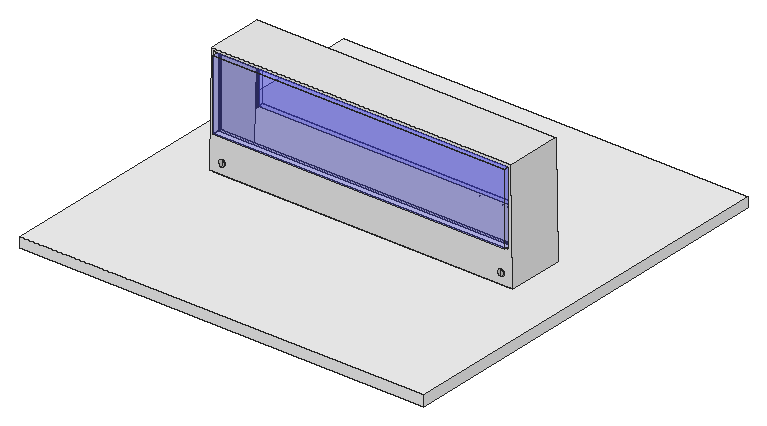
Revit family "BE_12278.1_de_DE", category Leuchten, Revit 2020
Family settings
  Basisbauteil = Fläche
  Bemaßung runder Anschluss = Durchmesser verwenden
  Teiletyp = Normal
  Beim Laden mit Abzugskörper schneiden = Ja
  Lichtquelle = Ja
  Gemeinsam genutzt = Nein
  Raumberechnungspunkt = Ja
Parameters (values of type "BEGA_12278.1_K3")
  built-in parameter 1150104 = 12.096 (stored number, unit not read)
  Wattage = 12.6 W
  Default Elevation = 0 mm
  built-in parameter 1150113 = 1 (stored number, unit not read)
  built-in parameter 1114218 = 1 (stored number, unit not read)
  Umgebungstemperatur = ""
  URL = "http://www.bega.de/de/produkt/12278.1"
  Typenkommentare = "© 2022 BEGA. Wir behalten uns das Recht vor, technische Änderungen ohne vorherige Ankündigung vorzunehmen."  # constant formula
  built-in parameter 1150134 = 12
  built-in parameter 1150109 = 1 (stored number, unit not read)
  Strom = ""
  built-in parameter 1150110 = 1 (stored number, unit not read)
  Spannung = 239.996 V
  Sonderanfertigung = no
  Seriennummer [instance] = "Hier können Sie die eindeutige Seriennummer für das Facility Management eintragen."
  Schutzklasse = "I"
  Schutzart = "IP 20"
  Scheinlast = 0 VA
  Produktdatenblatt = "http://www.bega.de/download/Xrfa/db/12278.1.db.de.pdf"
  Oberflächentemperatur = ""
  Neigungswinkel = 0.00°
  Model = "12278.1K4"
  Material_17 = BEGA_Reflektor
  Material_15 = BEGA_Leuchtmedium_matt
  Material_11 = BEGA_Glas_opal
  Material_09 = BEGA_Glas_klar
  Material_06 = BEGA_Oberfläche_Edelstahl_gebürstet
  Material_05 = BEGA_Oberfläche_Aluminium Guss
  Material_03 = BEGA_Oberfläche_Weiss_matt
  Material_02 = BEGA_Oberfläche_Silber_matt
  Material_01 [instance] = BEGA_Oberfläche_Grafit_matt
  M_W = no
  M_G = no
  M_A = no
  Logo = 0
  built-in parameter 1114217 = 1 (stored number, unit not read)
  built-in parameter 1150139 = (empty or 0)
  built-in parameter 1150105 = 130.55 (stored number, unit not read)
  built-in parameter 1150114 = 1 (stored number, unit not read)
  Lumens = 1640.52 lm
  built-in parameter 1150115 = 1 (stored number, unit not read)
  Leuchtenlichtstrom = "927 lm"
  Leuchtenanzahl = ""
  Lebensdauerkriterien = "L70B50 @ 25 °C = 268000 h"
  Lastklassifizierung = Beleuchtung
  built-in parameter 1150112 = 1 (stored number, unit not read)
  Lampenlichtstrom = "1640 lm"
  Lamp = "LED 12.6 W"
  LED_Modulbezeichnung = "LED-0599/940"
  Hersteller = "BEGA"  # constant formula
  Halbstreuwinkel = ""
  Gewicht = "1.68 kg"
  Gebrauchslageneinschränkung [instance] = ""
  Frequenz = "0/50-60 Hz"
  Farbwiedergabeindex = "CRI > 90"
  Farbtemperaturverschiebung bei Dämpfen der Lampe = <Keine Auswahl>
  Farbtemperatur = "4000 K"
  Color Filter = 16777215
  built-in parameter 1150133 = 10 (stored number, unit not read)
  Energieeffizienzklasse = "LED A++ - A"
  built-in parameter 1150137 = (empty or 0)
  built-in parameter 1150132 = (empty or 0)
  ENEC = "ja"
  Dimmbar [instance] = ""
  Photometric Web File = "BE_12278.1K4.IES"
  CE_Konformität = "ja"
  Bestellnummer = "12278.1K4"
  Beschreibung_Sonderanfertigung = "Hier können Sie Informationen zur Sonderanfertigung eintragen."
  Beschreibung = "Wandleuchte"
  built-in parameter 1150106 = 1.3055 (stored number, unit not read)
  Befestigungsbohrung = "Ø 4,5 mm"
  Befestigungsabstand = "276 mm"
  Ballwurfsicher = ""
  BEGA_Intern_aus = yes
  BEGA_Intern_an = yes
  BEGA_Intern_Konstruktion = yes
  BEGA_Intern = yes
  BEGA_IES = yes
  BEGA_Dummy = no
  Anschlussleitung = ""
  Anschlussleistung [instance] = "15.7 W"
  Anschlusskasten = ""
  built-in parameter 1150107 = 4000 (stored number, unit not read)
  built-in parameter 1150102 = (empty or 0)
  built-in parameter 1150138 = (empty or 0)
  Aktualisierung = "2019-07-05T04:00:16"
  Abstand_zur_angestrahlten_Fläche [instance] = ""
  AC/DC = "AC/DC"
Reference planes
  plane 1 "Mitte (Vorne/Hinten)": y = 0
  plane 2: z = 0
  plane 3 "Mitte (Links/Rechts)": x = 0
  plane 4 "Links": x = -150
  plane 5 "Rechts": x = 150
  plane 6 "Unten": y = -31.2
  plane 7 "Oben": y = 31.2
  plane 8 "Vorne": z = 110
  plane 9 "Hinten": z = 0
Forms (mm)
  Extrusion 1, solid, material "BEGA_Platte_Weiss"
    sketch origin (0, -1119.2, 0) x (1, 0, 0) y (0, 1, 0)
      loop
        line (-200, 1319.2) -> (-200, 919.2) -> (200, 919.2) -> (200, 1319.2) -> (-200, 1319.2)
    from 0 to -10
  Extrusion 2, solid, material "BEGA_Dummy_matt", visible <- "BEGA_Dummy"
    sketch origin (80.095, -76.023, 0) x (1, 0, 0) y (0, 1, 0)
      loop
        line (-230.095, 107.223) -> (-230.095, 44.823) -> (69.905, 44.823) -> (69.905, 107.223) -> (-230.095, 107.223)
    from 0 to 110
Dimensions and locks
  plane 1 "Mitte (Vorne/Hinten)" to Extrusion 1 = 200 mm
  aligned and locked: plane 2 to Extrusion 1
  aligned and locked: level to Extrusion 1
Nested families
  nested 1: "BE_12278.1" at (0, 0, 0), type "BE_12278.1"
Connectors
  electrical at (0, 0, 0), driven by "Lastklassifizierung", driven by "Spannung", driven by "Scheinlast"
    settings: index 1, voltage 239.996 V, apparent load 0 VA, apparent load phase1 0 VA, apparent load phase2 0 VA, apparent load phase3 0 VA, power factor 1, load classification "Beleuchtung", number of poles 1, system type 31, power factor state 1, is connector primary yes, connector utility no, sub classification motor no, connector description ""
Definition of nested family "BE_12278.1"
  Parameters (values of type "BE_12278.1")
    Default Elevation = 1 mm
    URL = "http://www.bega.de/de/produkt"
    Type Comments = "© 2015 BEGA. Wir behalten uns das Recht vor, technische Änderungen ohne vorherige Ankündigung vorzunehmen. "  # constant formula
    Type Image = (empty or 0)
    Neigungswinkel_um_Z2 = 0.00°
    Neigungswinkel_um_Z1 = 0.00°
    Neigungswinkel_um_Y2 = 0.00°
    Neigungswinkel_um_Y1 = 0.00°
    Neigungswinkel_um_X2 = 0.00°
    Neigungswinkel_um_X1 = 0.00°
    Material_17 = none
    Material_15 = none
    Material_11 = none
    Material_09 = none
    Material_06 = none
    Material_05 = none
    Material_03 = none
    Material_02 = none
    Material_01 = none
    M_W = yes
    M_G = yes
    M_A = yes
    Länge_Platte = 400 mm  # constant formula
    Höhe_Platte = -10 mm  # constant formula
    Manufacturer = "BEGA"  # constant formula
    Drehwinkel_um_Z2 = 0.00°
    Drehwinkel_um_Z1 = 0.00°
    Breite_Platte = 200 mm  # constant formula
  Reference planes
    plane 1 "Mitte (Oben/Unten)": y = 0
    plane 2: z = 0
    plane 3 "Mitte (Links/Rechts)": x = 0
    plane 4: z = 110
    plane 5: y = -31.2
    plane 6: y = 31.2
    plane 7: x = -150
    plane 8: z = 110
    plane 9: x = 150
  Forms (mm)
    Extrusion 1, solid, detail levels medium
      sketch origin (0, 0, 0) x (1, 0, 0) y (0, 1, 0)
        loop
          line (-200, 100) -> (-200, -100) -> (200, -100) -> (200, 100) -> (-200, 100)
      from 0 to -10 <- "Höhe_Platte"
    Extrusion 2, solid, material <- "Material_03", detail levels medium+fine
      sketch origin (0, 0, 0) x (1, 0, 0) y (0, 0, 1)
        loop
          line (-148.097, 110) -> (-150, 1) -> (-149, 1) -> (-146.951, 2.844) -> (-144.21, 107.5) -> (144.211, 107.5) -> (146.951, 2.844) -> (149, 1) -> (150, 1) -> (148.097, 110) -> (-148.097, 110)
      from -27.5 to 27.5
    Extrusion 3, solid, material <- "Material_03", detail levels medium+fine
      sketch origin (0, 0, 0) x (1, 0, 0) y (0, 0, 1)
        loop
          line (148.097, 110) -> (-148.097, 110) -> (-150, 1) -> (150, 1) -> (148.097, 110)
      from -27.5 to -23.02
    Extrusion 4, solid, material <- "Material_03", detail levels medium+fine
      sketch origin (0, 0, 0) x (1, 0, 0) y (0, 0, -1)
        loop
          line (148.097, -110) -> (150, -1) -> (-150, -1) -> (-148.097, -110) -> (148.097, -110)
      from -27.5 to -22.952
    Extrusion 5, void
      sketch origin (0, 0, 0) x (0, 1, 0) y (0, 0, 1)
        loop
          line (29.71, 104.057) -> (-30, 104.057) -> (-30, 37.397) -> (29.71, 37.397) -> (29.71, 104.057)
      from -142.436 to 142.436
    Extrusion 6, void
      sketch origin (0, 0, 0) x (1, 0, 0) y (0, 1, 0)
        loop
          circle (-95, 10) r 8
        loop
          circle (-75, 10) r 8
        loop
          arc (-140.25, -2.75) -> (-138, -5) -> (-135.75, -2.75) r 2.25
          line (-135.75, -2.75) -> (-135.75, 2.75)
          arc (-135.75, 2.75) -> (-138, 5) -> (-140.25, 2.75) r 2.25
          line (-140.25, 2.75) -> (-140.25, -2.75)
        loop
          arc (140.75, -2.25) -> (143, 0) -> (140.75, 2.25) r 2.25
          line (140.75, 2.25) -> (135.25, 2.25)
          arc (135.25, 2.25) -> (133, 0) -> (135.25, -2.25) r 2.25
          line (135.25, -2.25) -> (140.75, -2.25)
      from 0 to 4.5
    Extrusion 7, solid, material <- "Material_03", detail levels medium+fine
      sketch origin (0, 0, 0) x (0, 1, 0) y (0, 0, 1)
        loop
          line (27, 0) -> (27, 1) -> (24.5, 1)
          arc (24.5, 1) -> (23.923, 1.184) -> (23.557, 1.667) r 1
          arc (23.557, 1.667) -> (22.826, 2.633) -> (21.672, 3) r 2
          line (21.672, 3) -> (-21.672, 3)
          arc (-21.672, 3) -> (-22.826, 2.633) -> (-23.557, 1.667) r 2
          arc (-23.557, 1.667) -> (-23.923, 1.184) -> (-24.5, 1) r 1
          line (-24.5, 1) -> (-27, 1) -> (-27, 0) -> (-24.5, 0)
          arc (-24.5, 0) -> (-23.345, 0.367) -> (-22.614, 1.333) r 2
          arc (-22.614, 1.333) -> (-22.249, 1.816) -> (-21.672, 2) r 1
          line (-21.672, 2) -> (21.672, 2)
          arc (21.672, 2) -> (22.249, 1.816) -> (22.614, 1.333) r 1
          arc (22.614, 1.333) -> (23.345, 0.367) -> (24.5, 0) r 2
          line (24.5, 0) -> (27, 0)
      from -146.504 to 146.616
    Revolve 8, solid, material <- "Material_06", detail levels fine
      sketch origin (-138, 0, 0) x (0, 1, 0) y (0, 0, 1)
        loop
          line (-19.529, 10.861) -> (-19.477, 13.86) -> (-27.532, 14.001) -> (-27.584, 11.001) -> (-19.529, 10.861)
        axis (-19.529, 10.861) -> (-27.584, 11.001)
      angle from 0 to 360
    Sweep 9, void
      path origin (0, 0, 0) x (1, 0, 0) y (0, 0, 1)
        loop
          line (142.43, 104.057) -> (-142.43, 104.057) -> (-142.43, 37.397) -> (142.43, 37.397) -> (142.43, 104.057)
      profile origin (0, 0, 104.057) x (0, 0, -1) y (0, -1, 0)
        loop
          line (-1.878, 23.2) -> (21.239, 23.2) -> (21.239, 29.023) -> (-3.997, 29.023) -> (-1.878, 23.2)
    Extrusion 10, solid, material <- "Material_11", detail levels medium+fine
      sketch origin (0, 0, 0) x (0, 1, 0) y (0, 0, 1)
        loop
          line (31.2, 106) -> (23.2, 106) -> (23.2, 35.5) -> (31.2, 35.5) -> (31.2, 106)
      from -144.308 to 144.308
    Sweep 11, void
      path origin (0, 0, 0) x (1, 0, 0) y (0, 0, -1)
        loop
          line (142.43, -104.057) -> (142.43, -37.397) -> (-142.43, -37.397) -> (-142.43, -104.057) -> (142.43, -104.057)
      profile origin (0, 0, 104.057) x (0, 0, 1) y (0, 1, 0)
        loop
          line (1.878, 23.2) -> (3.997, 29.023) -> (-21.239, 29.023) -> (-21.239, 23.2) -> (1.878, 23.2)
    Extrusion 12, solid, material <- "Material_11", detail levels medium+fine
      sketch origin (0, 0, 0) x (0, -1, 0) y (0, 0, -1)
        loop
          line (31.2, -106) -> (31.2, -35.5) -> (23.2, -35.5) -> (23.2, -106) -> (31.2, -106)
      from -144.308 to 144.308
    Revolve 13, solid, material <- "Material_06", detail levels fine
      sketch origin (138, 0, 0) x (0, 1, 0) y (0, 0, -1)
        loop
          line (-19.529, -10.861) -> (-27.584, -11.001) -> (-27.532, -14.001) -> (-19.477, -13.86) -> (-19.529, -10.861)
        axis (-19.529, -10.861) -> (-27.584, -11.001)
      angle from 0 to 360
  Cuts and joins
    Extrusion 5, Sweep 9, Sweep 11 cuts Extrusion 2
    Extrusion 5, Sweep 9, Sweep 11 cuts Extrusion 3
    Extrusion 5, Sweep 9, Sweep 11 cuts Extrusion 4
    joined: Extrusion 2, Extrusion 3, Extrusion 4
    Extrusion 6 cuts Extrusion 7
  Dimensions and locks
    equal spacing: Extrusion 1 sketch curve, plane 3 "Mitte (Links/Rechts)", Extrusion 1 sketch curve
    equal spacing: Extrusion 1 sketch curve, plane 1 "Mitte (Oben/Unten)", Extrusion 1 sketch curve
    "Länge_Platte": Extrusion 1 sketch curve to Extrusion 1 sketch curve
    "Breite_Platte": Extrusion 1 sketch curve to Extrusion 1 sketch curve
    aligned and locked: plane 2 to Extrusion 1
    aligned and locked: level to Extrusion 1
  Automatic sketch dimensions
    Extrusion 2 sketch curve to plane 4 = 0 mm
    level to Extrusion 2 sketch curve = 1 mm  (x2)
    Extrusion 2 sketch curve to Extrusion 2 sketch curve = 1 mm  (x2)
    level to Extrusion 2 sketch curve = 2.844 mm  (x2)
    Extrusion 2 sketch curve to Extrusion 2 sketch curve = 2.048 mm  (x2)
    Extrusion 2 sketch curve to Extrusion 2 sketch curve = 3.887 mm  (x2)
    plane 4 to Extrusion 2 sketch curve = 2.5 mm
    Extrusion 3 sketch curve to plane 4 = 0 mm
    level to Extrusion 3 sketch curve = 1 mm
    Extrusion 4 sketch curve to plane 4 = 0 mm
    level to Extrusion 4 sketch curve = 1 mm
    plane 5 to Extrusion 5 sketch curve = 1.2 mm
    plane 6 to Extrusion 5 sketch curve = 1.49 mm
    level to Extrusion 5 sketch curve = 37.397 mm
    plane 4 to Extrusion 5 sketch curve = 5.943 mm
    plane 1 "Mitte (Oben/Unten)" to Extrusion 6 sketch curve = 0 mm
    plane 1 "Mitte (Oben/Unten)" to Extrusion 6 sketch curve = 2.75 mm
    Extrusion 6 sketch curve to Extrusion 6 sketch curve = 2.25 mm
    Extrusion 6 sketch curve to Extrusion 6 sketch curve = 20 mm
    plane 1 "Mitte (Oben/Unten)" to Extrusion 6 sketch curve = 2.25 mm
    Extrusion 6 sketch curve to Extrusion 6 sketch curve = 5.5 mm
    Extrusion 6 sketch curve to plane 1 "Mitte (Oben/Unten)" = 2.75 mm
    Extrusion 6 sketch curve to plane 1 "Mitte (Oben/Unten)" = 10 mm  (x2)
    Extrusion 7 sketch curve to Extrusion 7 sketch curve = 0 mm  (x12)
    Extrusion 7 sketch curve to level = 0 mm  (x2)
    level to Extrusion 7 sketch curve = 1 mm  (x4)
    plane 5 to Extrusion 7 sketch curve = 4.2 mm
    Extrusion 7 sketch curve to Extrusion 7 sketch curve = 2.5 mm  (x2)
    Extrusion 7 sketch curve to Extrusion 7 sketch curve = 2.828 mm  (x2)
    level to Extrusion 7 sketch curve = 3 mm
    plane 6 to Extrusion 7 sketch curve = 9.528 mm
    Extrusion 7 sketch curve to Extrusion 7 sketch curve = 1 mm  (x3)
    Extrusion 7 sketch curve to Extrusion 7 sketch curve = 0.943 mm  (x4)
    plane 5 to Revolve 8 sketch curve = 3.616 mm
    Revolve 8 sketch curve to Revolve 8 sketch curve = 0.052 mm  (x2)
    Revolve 8 sketch curve to Revolve 8 sketch curve = 8.055 mm
    level to Revolve 8 sketch curve = 10.861 mm
    Revolve 8 sketch curve to Revolve 8 sketch curve = 0.141 mm
    Revolve 8 sketch curve to Revolve 8 sketch curve = 3 mm
    Revolve 8 sketch curve to Revolve 8 sketch curve = 2.999 mm
    Revolve 8 sketch curve to Revolve 8 sketch curve = 2.905 mm
    Revolve 8 sketch curve to Revolve 8 sketch curve = 6.963 mm
    Revolve 8 sketch curve to Revolve 8 sketch curve = 0.122 mm
    Revolve 8 sketch curve to Revolve 8 sketch curve = 0.051 mm
    plane 4 to Sweep 9 sketch curve = 5.943 mm
    level to Sweep 9 sketch curve = 37.397 mm
    profile plane to Sweep 9 sketch curve = 3.997 mm
    profile plane to Sweep 9 sketch curve = 1.878 mm
    Sweep 9 sketch curve to profile plane = 21.239 mm
    plane 1 "Mitte (Oben/Unten)" to Sweep 9 sketch curve = 23.2 mm
    Sweep 9 sketch curve to Sweep 9 sketch curve = 5.823 mm
    Extrusion 10 sketch curve to plane 6 = 0 mm
    plane 6 to Extrusion 10 sketch curve = 8 mm
    level to Extrusion 10 sketch curve = 35.5 mm
    plane 4 to Extrusion 10 sketch curve = 4 mm
    plane 4 to Sweep 11 sketch curve = 5.943 mm
    level to Sweep 11 sketch curve = 37.397 mm
    profile plane to Sweep 11 sketch curve = 21.239 mm
    Sweep 11 sketch curve to profile plane = 1.878 mm
    Sweep 11 sketch curve to profile plane = 3.997 mm
    profile plane to Sweep 11 sketch curve = 23.2 mm
    Sweep 11 sketch curve to Sweep 11 sketch curve = 5.823 mm
    Extrusion 12 sketch curve to plane 5 = 0 mm
    Extrusion 12 sketch curve to Extrusion 12 sketch curve = 8 mm
    Extrusion 12 sketch curve to level = 35.5 mm
    Extrusion 12 sketch curve to plane 4 = 4 mm
    plane 5 to Revolve 13 sketch curve = 3.616 mm
    Revolve 13 sketch curve to Revolve 13 sketch curve = 0.052 mm  (x2)
    Revolve 13 sketch curve to Revolve 13 sketch curve = 8.055 mm
    level to Revolve 13 sketch curve = 14.001 mm
    Revolve 13 sketch curve to Revolve 13 sketch curve = 0.141 mm
    Revolve 13 sketch curve to Revolve 13 sketch curve = 2.999 mm
    Revolve 13 sketch curve to Revolve 13 sketch curve = 3 mm
    Revolve 13 sketch curve to Revolve 13 sketch curve = 2.905 mm
    Revolve 13 sketch curve to Revolve 13 sketch curve = 6.963 mm
    Revolve 13 sketch curve to Revolve 13 sketch curve = 0.051 mm
    Revolve 13 sketch curve to Revolve 13 sketch curve = 0.122 mm
    plane 3 "Mitte (Links/Rechts)" to Extrusion 2 sketch curve = 144.211 mm
    Extrusion 2 sketch curve to Extrusion 2 sketch curve = 2.74 mm
    plane 3 "Mitte (Links/Rechts)" to Extrusion 3 sketch curve = 148.097 mm
    Extrusion 3 sketch curve to Extrusion 3 sketch curve = 1.903 mm
    plane 3 "Mitte (Links/Rechts)" to Extrusion 4 sketch curve = 148.097 mm
    Extrusion 4 sketch curve to Extrusion 4 sketch curve = 1.903 mm
    plane 3 "Mitte (Links/Rechts)" to Extrusion 6 sketch curve = 135.25 mm
    plane 3 "Mitte (Links/Rechts)" to Sweep 9 sketch curve = 142.43 mm
    plane 3 "Mitte (Links/Rechts)" to Sweep 11 sketch curve = 142.43 mm
    plane 7 to Extrusion 2 sketch curve = 0 mm
    Extrusion 2 sketch curve to plane 7 = 1.903 mm
    plane 7 to Extrusion 3 sketch curve = 0 mm
    Extrusion 3 sketch curve to plane 7 = 1.903 mm
    plane 7 to Extrusion 4 sketch curve = 0 mm
    Extrusion 4 sketch curve to plane 7 = 1.903 mm
    Extrusion 6 sketch curve to plane 3 "Mitte (Links/Rechts)" = 75 mm
    Extrusion 6 sketch curve to plane 7 = 14.25 mm
    Sweep 9 sketch curve to plane 7 = 7.57 mm
    Sweep 11 sketch curve to plane 7 = 7.57 mm
    radius of Extrusion 6 sketch curve = 8 mm  (x2)
